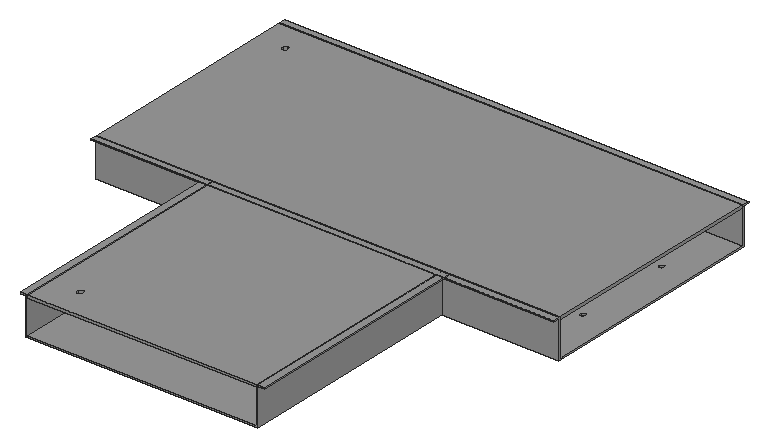
Revit family "OKB-FK 400 T - Stück", category Generic Models, Revit 2017
Family settings
  Can host rebar = No
  Round Connector Dimension = Use Diameter
  Part Type = Normal
  Work Plane-Based = No
  Always vertical = Yes
  Cut with Voids When Loaded = No
  Shared = No
  Room Calculation Point = No
Parameters (values of type "OKB-FK 400 T")
  URL = "http://www.obo-bettermann.com"
  Material = Strip galvnised
  Manufacturer Art.No. = "7403654"
  Manufacturer = "OBO BETTERMANN"
  GTIN = "4012196690701"
  Cut's number 3 = 8
  Cut's number 2 = 3
  Cut's number = 2
  Article Type = "OKB-FK 400 T"
Reference planes
  plane 1 "Center (Front/Back)": y = 0
  plane 2: z = 0
  plane 3 "Center (Left/Right)": x = 0
  plane 4: z = 66
  plane 5: x = 410
  plane 6: y = 398.5
  plane 7: y = 199.5
  plane 8: x = 211
  plane 9: y = 284.5
  plane 10: x = 261
  plane 11: y = 199.5
  plane 12: x = 311
  plane 13: y = 284.5
  plane 14: x = 361
  plane 15: y = 199.5
  plane 16: x = 111
  plane 17: y = 284.5
  plane 18: x = 161
  plane 19: y = 199.5
  plane 20: x = 11
  plane 21: y = 284.5
  plane 22: x = 61
  plane 23: y = 29.5
  plane 24: x = 311
  plane 25: y = 114.5
  plane 26: x = 361
  plane 27: y = 29.5
  plane 28: x = 211
  plane 29: y = 114.5
  plane 30: x = 261
  plane 31: y = 29.5
  plane 32: x = 111
  plane 33: y = 114.5
  plane 34: x = 161
  plane 35: y = 29.5
  plane 36: x = 11
  plane 37: y = 114.5
  plane 38: x = 61
  plane 39: z = 66
  plane 40: x = 210.982
  plane 41: x = 610.982
  plane 42: x = -189.018
  plane 43: y = 598.521
  plane 44: y = 683.521
  plane 45: x = -139.018
  plane 46: y = 598.521
  plane 47: y = 683.521
  plane 48: x = -39.018
  plane 49: y = 598.521
  plane 50: y = 683.521
  plane 51: x = 60.982
  plane 52: y = 598.521
  plane 53: y = 683.521
  plane 54: x = 160.982
  plane 55: y = 598.521
  plane 56: y = 683.521
  plane 57: x = 260.982
  plane 58: y = 598.521
  plane 59: y = 683.521
  plane 60: x = 360.982
  plane 61: y = 598.521
  plane 62: y = 683.521
  plane 63: x = 460.982
  plane 64: y = 598.521
  plane 65: y = 683.521
  plane 66: x = 560.982
  plane 67: y = 428.521
  plane 68: y = 513.521
  plane 69: x = -139.018
  plane 70: y = 428.521
  plane 71: y = 513.521
  plane 72: x = -39.018
  plane 73: y = 428.521
  plane 74: y = 513.521
  plane 75: x = 60.982
  plane 76: y = 428.521
  plane 77: y = 513.521
  plane 78: x = 160.982
  plane 79: y = 428.521
  plane 80: y = 513.521
  plane 81: x = 260.982
  plane 82: y = 428.521
  plane 83: y = 513.521
  plane 84: x = 360.982
  plane 85: y = 428.521
  plane 86: y = 513.521
  plane 87: x = 460.982
  plane 88: y = 428.521
  plane 89: y = 513.521
  plane 90: x = 560.982
  plane 91: z = 62
  plane 92: y = 50
  plane 93: x = 63.964
  plane 94: y = 746.5
  plane 95: x = -139.018
Forms (mm)
  Extrusion 1, solid, material "Strip galvnised" <- "Material"
    sketch origin (0, 0, 0) x (1, 0, 0) y (0, 0, 1)
      loop
        line (-0.018, 66) -> (-0.018, 64) -> (10, 64) -> (10, 0) -> (410, 0) -> (410, 64) -> (421.982, 64) -> (421.982, 66) -> (408, 66) -> (408, 2) -> (12, 2) -> (12, 66) -> (-0.018, 66)
    from 0 to -398.5
  Extrusion 2, void
    sketch origin (0, 0, 0) x (1, 0, 0) y (0, 1, 0)
      loop
        circle (261, 284.5) r 4.2
    from 0 to 2
  Extrusion 3, void
    sketch origin (100, 0, 0) x (1, 0, 0) y (0, 1, 0)
      loop
        circle (261, 284.5) r 4.2
    from 0 to 2
  Extrusion 4, void
    sketch origin (-100, 0, 0) x (1, 0, 0) y (0, 1, 0)
      loop
        circle (261, 284.5) r 4.2
    from 0 to 2
  Extrusion 5, void
    sketch origin (-200, 0, 0) x (1, 0, 0) y (0, 1, 0)
      loop
        circle (261, 284.5) r 4.2
    from 0 to 2
  Extrusion 6, void
    sketch origin (100, -170, 0) x (1, 0, 0) y (0, 1, 0)
      loop
        circle (261, 284.5) r 4.2
    from 0 to 2
  Extrusion 7, void
    sketch origin (0, -170, 0) x (1, 0, 0) y (0, 1, 0)
      loop
        circle (261, 284.5) r 4.2
    from 0 to 2
  Extrusion 8, void
    sketch origin (-100, -170, 0) x (1, 0, 0) y (0, 1, 0)
      loop
        circle (261, 284.5) r 4.2
    from 0 to 2
  Extrusion 9, void
    sketch origin (-200, -170, 0) x (1, 0, 0) y (0, 1, 0)
      loop
        circle (261, 284.5) r 4.2
    from 0 to 2
  Extrusion 10, solid, material "Strip galvnised" <- "Material"
    sketch origin (0, 0, 0) x (1, 0, 0) y (0, 1, 0)
      loop
        line (12, 388.502) -> (12, 0) -> (408, 0) -> (408, 388.502) -> (12, 388.502)
    from 62 to 66
  Extrusion 11, solid, material "Strip galvnised" <- "Material"
    sketch origin (0, 0, 0) x (0, 1, 0) y (0, 0, 1)
      loop
        line (398.5, 0) -> (798.5, 0) -> (798.5, 64) -> (808.521, 64) -> (808.521, 66) -> (796.5, 66) -> (796.5, 2) -> (400.5, 2) -> (400.5, 66) -> (388.502, 66) -> (388.502, 64) -> (398.5, 64) -> (398.5, 0)
    from -189.018 to 610.944
  Extrusion 12, void
    sketch origin (0, 0, 0) x (1, 0, 0) y (0, 1, 0)
      loop
        circle (-139.018, 683.521) r 4.2
    from 0 to 2
  Extrusion 13, void
    sketch origin (100, 0, 0) x (1, 0, 0) y (0, 1, 0)
      loop
        circle (-139.018, 683.521) r 4.2
    from 0 to 2
  Extrusion 14, void
    sketch origin (200, 0, 0) x (1, 0, 0) y (0, 1, 0)
      loop
        circle (-139.018, 683.521) r 4.2
    from 0 to 2
  Extrusion 15, void
    sketch origin (300, 0, 0) x (1, 0, 0) y (0, 1, 0)
      loop
        circle (-139.018, 683.521) r 4.2
    from 0 to 2
  Extrusion 16, void
    sketch origin (400, 0, 0) x (1, 0, 0) y (0, 1, 0)
      loop
        circle (-139.018, 683.521) r 4.2
    from 0 to 2
  Extrusion 17, void
    sketch origin (500, 0, 0) x (1, 0, 0) y (0, 1, 0)
      loop
        circle (-139.018, 683.521) r 4.2
    from 0 to 2
  Extrusion 18, void
    sketch origin (600, 0, 0) x (1, 0, 0) y (0, 1, 0)
      loop
        circle (-139.018, 683.521) r 4.2
    from 0 to 2
  Extrusion 19, void
    sketch origin (700, 0, 0) x (1, 0, 0) y (0, 1, 0)
      loop
        circle (-139.018, 683.521) r 4.2
    from 0 to 2
  Extrusion 20, void
    sketch origin (0, -170, 0) x (1, 0, 0) y (0, 1, 0)
      loop
        circle (-139.018, 683.521) r 4.2
    from 0 to 2
  Extrusion 21, void
    sketch origin (100, -170, 0) x (1, 0, 0) y (0, 1, 0)
      loop
        circle (-139.018, 683.521) r 4.2
    from 0 to 2
  Extrusion 22, void
    sketch origin (200, -170, 0) x (1, 0, 0) y (0, 1, 0)
      loop
        circle (-139.018, 683.521) r 4.2
    from 0 to 2
  Extrusion 23, void
    sketch origin (300, -170, 0) x (1, 0, 0) y (0, 1, 0)
      loop
        circle (-139.018, 683.521) r 4.2
    from 0 to 2
  Extrusion 24, void
    sketch origin (400, -170, 0) x (1, 0, 0) y (0, 1, 0)
      loop
        circle (-139.018, 683.521) r 4.2
    from 0 to 2
  Extrusion 25, void
    sketch origin (500, -170, 0) x (1, 0, 0) y (0, 1, 0)
      loop
        circle (-139.018, 683.521) r 4.2
    from 0 to 2
  Extrusion 26, void
    sketch origin (600, -170, 0) x (1, 0, 0) y (0, 1, 0)
      loop
        circle (-139.018, 683.521) r 4.2
    from 0 to 2
  Extrusion 27, void
    sketch origin (700, -170, 0) x (1, 0, 0) y (0, 1, 0)
      loop
        circle (-139.018, 683.521) r 4.2
    from 0 to 2
  Extrusion 28, solid, material "Strip galvnised" <- "Material"
    sketch origin (0, 0, 0) x (1, 0, 0) y (0, 1, 0)
      loop
        line (-189.018, 796.5) -> (-189.018, 400.5) -> (610.944, 400.5) -> (610.944, 796.5) -> (-189.018, 796.5)
    from 62 to 66
  Extrusion 29, void
    sketch origin (421.964, 0, 0) x (-1, 0, 0) y (0, -1, 0)
      loop
        circle (358, -50) r 5
    from 62 to 66
  Extrusion 30, void
    sketch origin (0, 0, 0) x (1, 0, 0) y (0, 1, 0)
      loop
        circle (-139.018, 746.5) r 5
    from 62 to 66
Cuts and joins
  Extrusion 2, Extrusion 3, Extrusion 4, Extrusion 5, Extrusion 6, Extrusion 7, Extrusion 8, Extrusion 9 cuts Extrusion 1
  Extrusion 12, Extrusion 13, Extrusion 14, Extrusion 15, Extrusion 16, Extrusion 17, Extrusion 18, Extrusion 19, Extrusion 20, Extrusion 21, Extrusion 22, Extrusion 23, Extrusion 24, Extrusion 25, Extrusion 26, Extrusion 27, Extrusion 30 cuts Extrusion 11
  Extrusion 29 cuts Extrusion 10
  Extrusion 30 cuts Extrusion 28
Dimensions and locks
  locked: Extrusion 1 sketch curve to plane 5 at 400
  locked: plane 4 to level at 66
  Extrusion 1 sketch curve to plane 3 "Center (Left/Right)" = 10 mm
  locked: Extrusion 1 sketch curve to Extrusion 1 sketch curve at 12.018
  locked: Extrusion 1 sketch curve to Extrusion 1 sketch curve at 422
  locked: Extrusion 1 sketch curve to Extrusion 1 sketch curve at 2  (x5)
  locked: plane 1 "Center (Front/Back)" to plane 6 at 398.5
  locked: plane 9 to plane 7 at 85
  locked: plane 10 to Extrusion 2 sketch curve at 4.2
  locked: plane 10 to Extrusion 2 sketch curve
  locked: plane 13 to plane 11 at 85
  locked: plane 14 to Extrusion 3 sketch curve at 4.2
  locked: plane 14 to Extrusion 3 sketch curve
  locked: plane 17 to plane 15 at 85
  locked: plane 18 to Extrusion 4 sketch curve at 4.2
  locked: plane 18 to Extrusion 4 sketch curve
  equal spacing: group 4, group 3, group 2
  equal spacing: group 2, group 3, group 4  (x2)
  locked: plane 21 to plane 19 at 85
  locked: plane 22 to Extrusion 5 sketch curve at 4.2
  locked: plane 22 to Extrusion 5 sketch curve
  locked: plane 25 to plane 23 at 85
  locked: plane 26 to Extrusion 6 sketch curve at 4.2
  locked: plane 26 to Extrusion 6 sketch curve
  group 1 to group 5 = 0 mm  (x2)
  group 5 to group 1 = 170 mm
  locked: plane 29 to plane 27 at 85
  locked: plane 30 to Extrusion 7 sketch curve at 4.2
  locked: plane 30 to Extrusion 7 sketch curve
  equal spacing: group 7, group 6, group 5
  equal spacing: group 5, group 6, group 7  (x2)
  locked: plane 33 to plane 31 at 85
  locked: plane 34 to Extrusion 8 sketch curve at 4.2
  locked: plane 34 to Extrusion 8 sketch curve
  locked: plane 37 to plane 35 at 85
  locked: plane 38 to Extrusion 9 sketch curve at 4.2
  locked: plane 38 to Extrusion 9 sketch curve
  group 8 to group 7 = 100 mm
  group 7 to group 8 = 0 mm  (x2)
  locked: cut or joined group 1 (Extrusion 1, Extrusion 2, Extrusion 3, Extrusion 4, Extrusion 5, Extrusion 6, Extrusion 7, Extrusion 8, Extrusion 9) to cut or joined group 1 at 398.5
  locked: cut or joined group 1 to cut or joined group 1 at 396
  locked: plane 39 to level at 66
  locked: Extrusion 11 sketch curve to Extrusion 11 sketch curve at 12.021
  locked: Extrusion 11 sketch curve to Extrusion 11 sketch curve at 11.998
  locked: Extrusion 11 sketch curve to Extrusion 11 sketch curve at 66
  locked: cut or joined group 1 to Extrusion 11 sketch curve at 66
  locked: Extrusion 11 sketch curve to Extrusion 11 sketch curve at 2  (x3)
  locked: Extrusion 11 sketch curve to cut or joined group 1 at 2
  locked: cut or joined group 1 to cut or joined group 1 at 2
  locked: plane 40 to cut or joined group 1 at 211
  plane 40 to Extrusion 11 = 399.962 mm
  Extrusion 11 to plane 40 = 400 mm
  locked: plane 40 to plane 41 at 400
  locked: plane 42 to plane 40 at 400
  locked: plane 44 to plane 43 at 85
  locked: plane 45 to Extrusion 12 sketch curve at 4.2
  locked: plane 45 to Extrusion 12 sketch curve at 0
  locked: plane 47 to plane 46 at 85
  locked: plane 48 to Extrusion 13 sketch curve at 4.2
  locked: plane 48 to Extrusion 13 sketch curve at 0
  locked: plane 50 to plane 49 at 85
  locked: plane 51 to Extrusion 14 sketch curve at 4.2
  locked: plane 51 to Extrusion 14 sketch curve at 0
  locked: plane 53 to plane 52 at 85
  locked: plane 54 to Extrusion 15 sketch curve at 4.2
  locked: plane 54 to Extrusion 15 sketch curve at 0
  locked: plane 56 to plane 55 at 85
  locked: plane 57 to Extrusion 16 sketch curve at 4.2
  locked: plane 57 to Extrusion 16 sketch curve at 0
  locked: plane 59 to plane 58 at 85
  locked: plane 60 to Extrusion 17 sketch curve at 4.2
  locked: plane 60 to Extrusion 17 sketch curve at 0
  locked: plane 62 to plane 61 at 85
  locked: plane 63 to Extrusion 18 sketch curve at 4.2
  locked: plane 63 to Extrusion 18 sketch curve at 0
  locked: plane 65 to plane 64 at 85
  locked: plane 66 to Extrusion 19 sketch curve at 4.2
  locked: plane 66 to Extrusion 19 sketch curve at 0
  locked: plane 68 to plane 67 at 85
  locked: plane 69 to Extrusion 20 sketch curve at 4.2
  locked: plane 69 to Extrusion 20 sketch curve at 0
  locked: plane 71 to plane 70 at 85
  locked: plane 72 to Extrusion 21 sketch curve at 4.2
  locked: plane 72 to Extrusion 21 sketch curve at 0
  locked: plane 74 to plane 73 at 85
  locked: plane 75 to Extrusion 22 sketch curve at 4.2
  locked: plane 75 to Extrusion 22 sketch curve at 0
  locked: plane 77 to plane 76 at 85
  locked: plane 78 to Extrusion 23 sketch curve at 4.2
  locked: plane 78 to Extrusion 23 sketch curve at 0
  locked: plane 80 to plane 79 at 85
  locked: plane 81 to Extrusion 24 sketch curve at 4.2
  locked: plane 81 to Extrusion 24 sketch curve at 0
  locked: plane 83 to plane 82 at 85
  locked: plane 84 to Extrusion 25 sketch curve at 4.2
  locked: plane 84 to Extrusion 25 sketch curve at 0
  locked: plane 86 to plane 85 at 85
  locked: plane 87 to Extrusion 26 sketch curve at 4.2
  locked: plane 87 to Extrusion 26 sketch curve at 0
  locked: plane 89 to plane 88 at 85
  locked: plane 90 to Extrusion 27 sketch curve at 4.2
  locked: plane 90 to Extrusion 27 sketch curve at 0
  locked: cut or joined group 2 (Extrusion 11, Extrusion 12, Extrusion 13, Extrusion 14, Extrusion 15, Extrusion 16, Extrusion 17, Extrusion 18, Extrusion 19, Extrusion 20, Extrusion 21, Extrusion 22, Extrusion 23, Extrusion 24, Extrusion 25, Extrusion 26, Extrusion 27, Extrusion 30) to cut or joined group 2 at 396
  locked: cut or joined group 2 to cut or joined group 2 at 799.962
  locked: Extrusion 10 to plane 91 at 4
  locked: plane 93 to Extrusion 29 sketch curve at 5
  locked: plane 93 to Extrusion 29 sketch curve
  locked: plane 95 to Extrusion 30 sketch curve at 5
  locked: plane 95 to Extrusion 30 sketch curve at 0
  aligned and locked: level to plane 2
  aligned and locked: plane 1 "Center (Front/Back)" to Extrusion 1
  aligned and locked: Extrusion 2 to level
  aligned and locked: Extrusion 1 to Extrusion 2
  aligned and locked: cut or joined group 1 to Extrusion 10
  aligned and locked: Extrusion 11 to plane 42
  aligned and locked: Extrusion 10 to Extrusion 1
  aligned and locked: Extrusion 22 to level
  aligned and locked: cut or joined group 1 to Extrusion 22
  aligned and locked: cut or joined group 1 to Extrusion 20
  aligned and locked: cut or joined group 1 to Extrusion 21
  aligned and locked: cut or joined group 1 to Extrusion 23
  aligned and locked: cut or joined group 1 to Extrusion 24
  aligned and locked: cut or joined group 1 to Extrusion 25
  aligned and locked: cut or joined group 1 to Extrusion 26
  aligned and locked: cut or joined group 1 to Extrusion 27
  aligned and locked: Extrusion 16 to level
  aligned and locked: Extrusion 11 to Extrusion 16
  aligned and locked: Extrusion 11 to Extrusion 12
  aligned and locked: Extrusion 11 to Extrusion 13
  aligned and locked: Extrusion 11 to Extrusion 14
  aligned and locked: Extrusion 11 to Extrusion 15
  aligned and locked: Extrusion 11 to Extrusion 17
  aligned and locked: Extrusion 11 to Extrusion 18
  aligned and locked: Extrusion 11 to Extrusion 19
  aligned and locked: Extrusion 28 to cut or joined group 2
  aligned and locked: Extrusion 10 to plane 91
  aligned and locked: Extrusion 28 to plane 91
  aligned and locked: Extrusion 30 to plane 91
  aligned and locked: Extrusion 30 to Extrusion 11
Automatic sketch dimensions
  Extrusion 2 sketch curve to plane 9 = 0 mm
  Extrusion 5 sketch curve to plane 21 = 0 mm
  Extrusion 4 sketch curve to plane 17 = 0 mm
  Extrusion 12 sketch curve to plane 44 = 0 mm
  Extrusion 13 sketch curve to plane 47 = 0 mm
  Extrusion 14 sketch curve to plane 50 = 0 mm
  Extrusion 15 sketch curve to plane 53 = 0 mm
  Extrusion 16 sketch curve to plane 56 = 0 mm
  Extrusion 17 sketch curve to plane 59 = 0 mm
  Extrusion 18 sketch curve to plane 62 = 0 mm
  Extrusion 19 sketch curve to plane 65 = 0 mm
  Extrusion 20 sketch curve to plane 68 = 0 mm
  Extrusion 21 sketch curve to plane 71 = 0 mm
  Extrusion 22 sketch curve to plane 74 = 0 mm
  Extrusion 23 sketch curve to plane 77 = 0 mm
  Extrusion 24 sketch curve to plane 80 = 0 mm
  Extrusion 25 sketch curve to plane 83 = 0 mm
  Extrusion 26 sketch curve to plane 86 = 0 mm
  Extrusion 27 sketch curve to plane 89 = 0 mm
  Extrusion 1 sketch curve to plane 4 = 0 mm  (x2)
  Extrusion 1 sketch curve to plane 5 = 0 mm
  Extrusion 1 sketch curve to level = 0 mm
  plane 1 "Center (Front/Back)" to Extrusion 10 sketch curve = 0 mm
  plane 3 "Center (Left/Right)" to Extrusion 10 sketch curve = 12 mm
  plane 40 to Extrusion 10 sketch curve = 197.018 mm
  Extrusion 10 sketch curve to plane 6 = 9.998 mm
  Extrusion 11 sketch curve to plane 6 = 0 mm
  Extrusion 11 sketch curve to plane 39 = 0 mm
  Extrusion 11 sketch curve to Extrusion 11 sketch curve = 396 mm
  Extrusion 11 sketch curve to plane 39 = 2 mm
  Extrusion 28 sketch curve to plane 42 = 0 mm
  Extrusion 28 sketch curve to plane 41 = 0.038 mm
  plane 6 to Extrusion 28 sketch curve = 2 mm
  Extrusion 28 sketch curve to Extrusion 28 sketch curve = 396 mm
  plane 92 to Extrusion 29 sketch curve = 0 mm
  Extrusion 30 sketch curve to plane 94 = 0 mm
